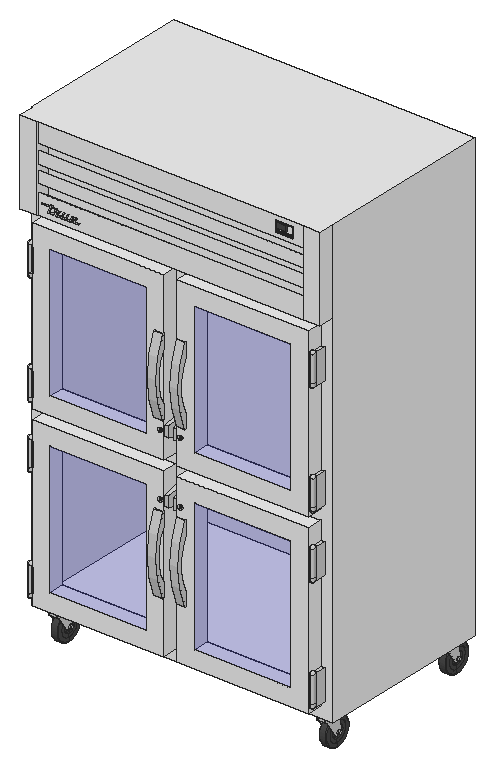
Revit family
Parameters
  Weight in Pounds = 0
  Watts = 3000 W
  Volts = 208 V
  URL Cutsheet = "www.truemfg.com"
  URL = "www.truemfg.com"
  Type Mark [instance] = ""
  Type Comments = ""
  Status [instance] = ""
  Specification by User [instance] = ""
  Specification by Manufacturer = ""
  Show Seismic Flanged [instance] = no
  Show Logo [instance] = yes
  Show Legs [instance] = no
  Show Clearance [instance] = yes
  Serial Number = ""
  Seismic Rating = ""
  Seismic Plate [instance] = and(Show Seismic Flanged, not(Show Casters))  # no
  SMACNA No = ""
  Revision Code [instance] = ""
  Phase = 1
  Omniclass Number and Title = ""
  Number of Poles [instance] = 1
  NAFEM Spec ID Number = ""
  Model = "STR2H-4HG"
  Min Ckt Ampacity = 0 A
  Max Overcurrent Protection = 0 A
  Masterspec = ""
  Manufacturer = "TRUE FOOD SERVICE EQUIPMENT, INC."
  Length = 52 5/8"
  Legs [instance] = or(Show Legs, Show Seismic Flanged)  # no
  Item Number [instance] = ""
  Installed By [instance] = ""
  Identify Quantity as Lot [instance] = yes
  Height = 77 3/4"
  HP = ""
  Furnished By [instance] = ""
  Foodservice Equipment Identifier [instance] = yes
  FL Amps = Watts / Volts  # 14.4231 A
  Electrical Remarks [instance] = ""
  Electric Connection Type [instance] = ""
  Elec Conn RI Height [instance] = 0"
  Elec Conn Connection Height [instance] = 0"
  Description = "Reach-in Glass Half Swing Door Heated Cabinet"
  Depth = 33 3/4"
  Cycle = 60 Hz
  Conn Plug = "6-15P"
  Conn Conduit = yes
  Show Casters [instance] = and(not(if(Show Legs, Show Legs, Show Legs)), not(if(Show Legs, Show Legs, Show Seismic Flanged)))  # yes
  CSI MasterFormat = ""
  CSI Master Format = ""
  Apparent Power = if(Phase = 3, Volts * FL Amps * 1.73, Volts * FL Amps)  # 3000 VA
Reference planes (in)
  plane 1 "BACK": y = 0
  plane 2: z = 0
  plane 3 "LEFT": x = 0
  plane 4 "RIGHT": x = 52.625
  plane 5 "FRONT": y = -33.75
  plane 6 "TOP": z = 84.125
  plane 7: z = 6.125
  plane 8: x = 26.3125
  plane 9: x = 3
  plane 10: x = 49.9375
  plane 11: y = -33.7042
  plane 12: x = 26.3125
Forms (in)
  Extrusion 1, solid, material "QF_Finishes_Chrome - Satin"
    sketch origin (0.05, 0, 0) x (1, 0, 0) y (0, 1, 0)
      loop
        line (-0.05, 0) -> (-0.05, -31) -> (2.35625, -31) -> (2.35625, 0) -> (-0.05, 0)
    from 6.125 to 84.125
  Extrusion 2, solid, material "QF_Finishes_Chrome - Satin"
    sketch origin (50.15, 0, 0) x (1, 0, 0) y (0, 1, 0)
      loop
        line (0.225, 0) -> (0.225, -31) -> (2.475, -31) -> (2.475, 0) -> (0.225, 0)
    from 6.125 to 84.125
  Extrusion 3, solid, material "QF_Finishes_Chrome - Satin"
    sketch origin (0, 0, 0) x (0, 1, 0) y (0, 0, 1)
      loop
        line (-33.7042, 69.5) -> (-31, 69.5) -> (-31, 66.96875) -> (-2, 66.96875) -> (-2, 9.03125) -> (-31, 9.03125) -> (-31, 6.125) -> (0, 6.125) -> (0, 84.125) -> (-33.7042, 84.125) -> (-33.7042, 80.78078) -> (-31.5, 79.21352) -> (-31.5, 78.09125) -> (-33.7042, 79.65851) -> (-33.7042, 77.5248) -> (-31.5, 75.95754) -> (-31.5, 74.99678) -> (-33.7042, 76.56404) -> (-33.7042, 74.46784) -> (-31.5, 72.90057) -> (-31.5, 71.625) -> (-33.7042, 73.19226) -> (-33.7042, 69.5)
      loop
        line (-30, 36.125) -> (-30, 39.875) -> (-31, 39.875) -> (-31, 36.125) -> (-30, 36.125)
    from 2.25 to 50.375
  Extrusion 4, solid, material "QF_Finishes_Chrome - Satin"
    sketch origin (0, 0, 0) x (1, 0, 0) y (0, 1, 0)
      loop
        line (52.54687, -31) -> (49.66032, -31) -> (49.66032, -33.75) -> (52.54687, -33.75) -> (52.54687, -31)
    from 69.5 to 84.125
  Extrusion 5, solid, material "QF_Finishes_Chrome - Satin"
    sketch origin (-50.125, 0, 0.25) x (1, 0, 0) y (0, 1, 0)
      loop
        line (53.20984, -31) -> (50.20312, -31) -> (50.20312, -33.75) -> (53.20984, -33.75) -> (53.20984, -31)
    from 69.25 to 83.875
  Extrusion 6, solid, material "QF_Finishes_Chrome - Satin"
    sketch origin (0, 0, -0.71875) x (1, 0, 0) y (0, 0, 1)
      loop
        line (2.25, 68.6875) -> (2.25, 39.59375) -> (25.1875, 39.59375) -> (25.1875, 68.6875) -> (2.25, 68.6875)
      loop
        line (50.53125, 68.6875) -> (27.59375, 68.6875) -> (27.59375, 39.59375) -> (50.53125, 39.59375) -> (50.53125, 68.6875)
      loop
        line (2.25, 8.75) -> (25.1875, 8.75) -> (25.1875, 37.84375) -> (2.25, 37.84375) -> (2.25, 8.75)
      loop
        line (27.59375, 8.75) -> (50.53125, 8.75) -> (50.53125, 37.84375) -> (27.59375, 37.84375) -> (27.59375, 8.75)
      loop
        line (5.25, 65.6875) -> (5.25, 42.59375) -> (22.1875, 42.59375) -> (22.1875, 65.6875) -> (5.25, 65.6875)
      loop
        line (30.59375, 65.6875) -> (30.59375, 42.59375) -> (47.53125, 42.59375) -> (47.53125, 65.6875) -> (30.59375, 65.6875)
      loop
        line (5.25, 34.84375) -> (5.25, 11.75) -> (22.1875, 11.75) -> (22.1875, 34.84375) -> (5.25, 34.84375)
      loop
        line (47.53125, 34.84375) -> (30.59375, 34.84375) -> (30.59375, 11.75) -> (47.53125, 11.75) -> (47.53125, 34.84375)
    from 31 to 33.75
  Extrusion 7, solid, material "QF_Finishes_Handrails and Railings"
    sketch origin (1.875, 0, 3.375) x (1, 0, 0) y (0, 0, 1)
      loop
        circle (22.76563, 40.0625) r 0.35
      loop
        line (22.73047, 40.33635) -> (22.73047, 39.76895) -> (22.78597, 39.76895) -> (22.78597, 40.33635) -> (22.73047, 40.33635)
      loop
        circle (26.28125, 40.0625) r 0.35
      loop
        line (26.3164, 40.33635) -> (26.2609, 40.33635) -> (26.2609, 39.76895) -> (26.3164, 39.76895) -> (26.3164, 40.33635)
    from 33.5 to 33.83066
  Extrusion 8, solid, material "QF_Finishes_Handrails and Railings", visible <- "Show Logo"
    sketch origin (0.33478, 1.08173, -6.73143) x (1, 0, 0) y (0, 0, 1)
      loop
        line (3.61669, 78.46231) -> (3.51103, 78.23573) -> (4.91652, 78.23573)
        arc (4.91652, 78.23573) -> (4.94504, 78.18528) -> (4.91652, 78.13484) r 0.05887
        line (4.91652, 78.13484) -> (4.54994, 77.34872)
        arc (4.54994, 77.34872) -> (4.54676, 77.27591) -> (4.596, 77.22217) r 0.09523
        line (4.596, 77.22217) -> (5.49469, 77.22217)
        arc (5.49469, 77.22217) -> (5.60817, 77.25795) -> (5.68061, 77.35235) r 0.19785
        line (5.68061, 77.35235) -> (5.9691, 77.97101) -> (6.23415, 77.97101)
        arc (6.23415, 77.97101) -> (6.30369, 77.94543) -> (6.29362, 77.87203) r 0.05911
        line (6.29362, 77.87203) -> (6.05223, 77.35437)
        arc (6.05223, 77.35437) -> (6.05599, 77.2684) -> (6.12856, 77.22217) r 0.09318
        line (6.12856, 77.22217) -> (6.91823, 77.22217)
        arc (6.91823, 77.22217) -> (6.97874, 77.24419) -> (7.01093, 77.29995) r 0.09412
        arc (7.01093, 77.29995) -> (7.03371, 77.24495) -> (7.08871, 77.22217) r 0.07778
        line (7.08871, 77.22217) -> (7.58871, 77.22217)
        arc (7.58871, 77.22217) -> (7.64647, 77.23765) -> (7.68876, 77.27993) r 0.11552
        arc (7.68876, 77.27993) -> (7.709, 77.23106) -> (7.75787, 77.21081) r 0.06912
        line (7.75787, 77.21081) -> (8.4685, 77.21081)
        arc (8.4685, 77.21081) -> (8.52659, 77.23488) -> (8.55066, 77.29297) r 0.08216
        arc (8.55066, 77.29297) -> (8.60392, 77.23972) -> (8.67667, 77.22022) r 0.14551
        line (8.67667, 77.22022) -> (10.00783, 77.22022) -> (10.15571, 77.47634) -> (8.81303, 77.47634)
        arc (8.81303, 77.47634) -> (8.77597, 77.50204) -> (8.77459, 77.54711) r 0.05009
        line (8.77459, 77.54711) -> (8.79782, 77.59692)
        arc (8.79782, 77.59692) -> (8.83348, 77.64364) -> (8.88952, 77.66135) r 0.09747
        line (8.88952, 77.66135) -> (9.3211, 77.66135)
        arc (9.3211, 77.66135) -> (9.41425, 77.68631) -> (9.48244, 77.7545) r 0.1863
        line (9.48244, 77.7545) -> (9.60744, 77.97101)
        arc (9.60744, 77.97101) -> (9.60744, 78.08657) -> (9.50736, 78.14434) r 0.11556
        line (9.50736, 78.14434) -> (9.05187, 78.14434)
        arc (9.05187, 78.14434) -> (8.93575, 78.12462) -> (8.85474, 78.03912) r 0.18605
        line (8.85474, 78.03912) -> (8.63829, 77.57493)
        arc (8.63829, 77.57493) -> (8.5744, 77.49167) -> (8.47431, 77.46011) r 0.1745
        line (8.47431, 77.46011) -> (8.00184, 77.46011)
        arc (8.00184, 77.46011) -> (7.94528, 77.52184) -> (7.94893, 77.60548) r 0.10939
        line (7.94893, 77.60548) -> (8.2002, 78.14434) -> (8.04028, 78.14434) -> (7.77406, 77.57344)
        arc (7.77406, 77.57344) -> (7.72234, 77.50603) -> (7.6413, 77.48048) r 0.14128
        line (7.6413, 77.48048) -> (7.3155, 77.48048)
        arc (7.3155, 77.48048) -> (7.26044, 77.55223) -> (7.27225, 77.64189) r 0.11816
        line (7.27225, 77.64189) -> (7.50655, 78.14434) -> (7.34139, 78.14434) -> (7.07171, 77.566)
        arc (7.07171, 77.566) -> (7.0091, 77.50339) -> (6.92358, 77.48048) r 0.17104
        line (6.92358, 77.48048) -> (6.4518, 77.48048)
        arc (6.4518, 77.48048) -> (6.36707, 77.51999) -> (6.35892, 77.61313) r 0.0935
        line (6.35892, 77.61313) -> (6.51399, 77.94569) -> (6.7332, 77.94569)
        arc (6.7332, 77.94569) -> (6.7702, 78.05717) -> (6.84892, 78.14434) r 0.2857
        line (6.84892, 78.14434) -> (5.9923, 78.14434)
        arc (5.9923, 78.14434) -> (5.89711, 78.12324) -> (5.83123, 78.05135) r 0.16212
        line (5.83123, 78.05135) -> (5.59904, 77.55341)
        arc (5.59904, 77.55341) -> (5.54565, 77.50002) -> (5.47272, 77.48048) r 0.14586
        line (5.47272, 77.48048) -> (4.96131, 77.48048)
        arc (4.96131, 77.48048) -> (4.92139, 77.53442) -> (4.92899, 77.60109) r 0.09155
        line (4.92899, 77.60109) -> (5.26643, 78.23573) -> (6.1178, 78.23573) -> (6.22346, 78.46231) -> (5.37209, 78.46231) -> (5.47774, 78.68888) -> (5.17487, 78.68888) -> (5.06922, 78.46231) -> (3.61669, 78.46231)
      loop
        arc (8.9943, 77.93863) -> (8.95744, 77.92875) -> (8.93045, 77.90176) r 0.07373
        line (8.93045, 77.90176) -> (8.90854, 77.83436)
        arc (8.90854, 77.83436) -> (8.9187, 77.80983) -> (8.94324, 77.79966) r 0.0347
        line (8.94324, 77.79966) -> (9.31573, 77.79966)
        arc (9.31573, 77.79966) -> (9.34257, 77.80561) -> (9.36437, 77.82234) r 0.0635
        line (9.36437, 77.82234) -> (9.38249, 77.90622)
        arc (9.38249, 77.90622) -> (9.37716, 77.92868) -> (9.35634, 77.93863) r 0.02676
        line (9.35634, 77.93863) -> (8.9943, 77.93863)
    from 34.76797 to 34.83173
  Extrusion 9, solid
    sketch origin (0, 0, 0) x (1, 0, 0) y (0, 0, 1)
      loop
        circle (49.53125, 82) r 0.25
    from 0 to 0.0625
  Extrusion 10, solid, material "QF_Finishes_Handrails and Railings"
    sketch origin (36.06481, -0.25, 99.01973) x (0, 1, 0) y (0, 0, -1)
      loop
        line (-33.5, 53.875) -> (-33.7, 53.875)
        arc (-33.7, 53.875) -> (-35.14405, 47.075) -> (-33.7, 40.275) r 16.7325
        line (-33.7, 40.275) -> (-33.5, 40.275) -> (-33.5, 42.675)
        arc (-33.5, 42.675) -> (-34.65816, 47.075) -> (-33.5, 51.475) r 8.93715
        line (-33.5, 51.475) -> (-33.5, 53.875)
    from 10.87731 to 12.37731
  Blend 11, solid, material "QF_Finishes_Handrails and Railings"
    base sketch origin (-0.14063, 0, 5.375) x (1, 0, 0) y (0, 0, 1)
      loop
        line (25.32813, 38.99169) -> (25.32813, 37.24169) -> (26.07813, 37.24169) -> (26.07813, 38.99169) -> (25.32813, 38.99169)
    top sketch origin (-0.14063, 0, 5.375) x (1, 0, 0) y (0, 0, 1)
      loop
        line (26.26036, 36.6441) -> (26.26036, 39.42643) -> (25.32813, 39.42643) -> (25.32813, 36.6441) -> (26.26036, 36.6441)
    from 33.57883 to 31
  Blend 12, solid, material "QF_Finishes_Handrails and Railings"
    base sketch origin (52.84375, 0, 5.375) x (-1, 0, 0) y (0, 0, -1)
      loop
        line (25.25, -38.99169) -> (26, -38.99169) -> (26, -37.24169) -> (25.25, -37.24169) -> (25.25, -38.99169)
    top sketch origin (52.84375, 0, 5.375) x (-1, 0, 0) y (0, 0, -1)
      loop
        line (26.18223, -36.6441) -> (25.25, -36.6441) -> (25.25, -39.42643) -> (26.18223, -39.42643) -> (26.18223, -36.6441)
    from 33.57883 to 31
  Extrusion 13, solid, material "QF_Finishes_Handrails and Railings"
    sketch origin (1.09375, 0, 0) x (0, 1, 0) y (0, 0, 1)
      loop
        line (-31, 64.55229) -> (-32.61044, 64.55229)
        arc (-32.61044, 64.55229) -> (-32.75506, 64.49238) -> (-32.81497, 64.34776) r 0.20453
        line (-32.81497, 64.34776) -> (-32.81497, 59.94848) -> (-33.25, 59.94848) -> (-33.25, 59.23627) -> (-31, 59.23627) -> (-31, 64.55229)
    from 0.17506 to 1
  Revolve 14, solid, material "QF_Finishes_Handrails and Railings"
    sketch origin (1.59375, 0, 0) x (0, 1, 0) y (0, 0, 1)
      loop
        line (-33.26563, 60.00189) -> (-33.26563, 64.81483)
        arc (-33.26563, 64.81483) -> (-33.53722, 64.72557) -> (-33.67229, 64.4736) r 0.3848
        line (-33.67229, 64.4736) -> (-33.67229, 60.00189) -> (-33.26563, 60.00189)
      loop
        line (-33.26563, 59.94848) -> (-33.67229, 59.94848) -> (-33.67229, 59.37712)
        arc (-33.67229, 59.37712) -> (-33.53264, 59.13383) -> (-33.26563, 59.04781) r 0.38884
        line (-33.26563, 59.04781) -> (-33.26563, 59.94848)
      axis (-33.26563, 59.04781) -> (-33.26563, 64.81483)
    angle from 0 to 360
  Extrusion 15, solid, material "QF_Finishes_Handrails and Railings"
    sketch origin (-0.21875, 0, 0) x (1, 0, 0) y (0, 0, 1)
      loop
        line (2.07116, 64.4736) -> (2.07116, 60.00079) -> (2.46875, 60.00079) -> (2.46875, 64.4736) -> (2.07116, 64.4736)
    from 32.81497 to 33.59495
  Extrusion 16, solid, material "QF_Finishes_Handrails and Railings"
    sketch origin (1.09375, 0, -19.5) x (0, 1, 0) y (0, 0, 1)
      loop
        line (-31, 64.55229) -> (-32.61044, 64.55229)
        arc (-32.61044, 64.55229) -> (-32.75506, 64.49238) -> (-32.81497, 64.34776) r 0.20453
        line (-32.81497, 64.34776) -> (-32.81497, 59.94848) -> (-33.25, 59.94848) -> (-33.25, 59.23627) -> (-31, 59.23627) -> (-31, 64.55229)
    from 0.17506 to 1
  Revolve 17, solid, material "QF_Finishes_Handrails and Railings"
    sketch origin (1.59375, 0, -19.5) x (0, 1, 0) y (0, 0, 1)
      loop
        line (-33.26563, 60.00189) -> (-33.26563, 64.81483)
        arc (-33.26563, 64.81483) -> (-33.53722, 64.72557) -> (-33.67229, 64.4736) r 0.3848
        line (-33.67229, 64.4736) -> (-33.67229, 60.00189) -> (-33.26563, 60.00189)
      loop
        line (-33.26563, 59.94848) -> (-33.67229, 59.94848) -> (-33.67229, 59.37712)
        arc (-33.67229, 59.37712) -> (-33.53264, 59.13383) -> (-33.26563, 59.04781) r 0.38884
        line (-33.26563, 59.04781) -> (-33.26563, 59.94848)
      axis (-33.26563, 59.04781) -> (-33.26563, 64.81483)
    angle from 0 to 360
  Extrusion 18, solid, material "QF_Finishes_Handrails and Railings"
    sketch origin (-0.21875, 0, -19.5) x (1, 0, 0) y (0, 0, 1)
      loop
        line (2.07116, 64.4736) -> (2.07116, 60.00079) -> (2.46875, 60.00079) -> (2.46875, 64.4736) -> (2.07116, 64.4736)
    from 32.81497 to 33.59495
  Extrusion 19, solid, material "QF_Finishes_Handrails and Railings"
    sketch origin (1.09375, 0, -30.5) x (0, 1, 0) y (0, 0, 1)
      loop
        line (-31, 64.55229) -> (-32.61044, 64.55229)
        arc (-32.61044, 64.55229) -> (-32.75506, 64.49238) -> (-32.81497, 64.34776) r 0.20453
        line (-32.81497, 64.34776) -> (-32.81497, 59.94848) -> (-33.25, 59.94848) -> (-33.25, 59.23627) -> (-31, 59.23627) -> (-31, 64.55229)
    from 0.17506 to 1
  Revolve 20, solid, material "QF_Finishes_Handrails and Railings"
    sketch origin (1.59375, 0, -30.5) x (0, 1, 0) y (0, 0, 1)
      loop
        line (-33.26563, 60.00189) -> (-33.26563, 64.81483)
        arc (-33.26563, 64.81483) -> (-33.53722, 64.72557) -> (-33.67229, 64.4736) r 0.3848
        line (-33.67229, 64.4736) -> (-33.67229, 60.00189) -> (-33.26563, 60.00189)
      loop
        line (-33.26563, 59.94848) -> (-33.67229, 59.94848) -> (-33.67229, 59.37712)
        arc (-33.67229, 59.37712) -> (-33.53264, 59.13383) -> (-33.26563, 59.04781) r 0.38884
        line (-33.26563, 59.04781) -> (-33.26563, 59.94848)
      axis (-33.26563, 59.04781) -> (-33.26563, 64.81483)
    angle from 0 to 360
  Extrusion 21, solid, material "QF_Finishes_Handrails and Railings"
    sketch origin (-0.21875, 0, -30.5) x (1, 0, 0) y (0, 0, 1)
      loop
        line (2.07116, 64.4736) -> (2.07116, 60.00079) -> (2.46875, 60.00079) -> (2.46875, 64.4736) -> (2.07116, 64.4736)
    from 32.81497 to 33.59495
  Extrusion 22, solid, material "QF_Finishes_Handrails and Railings"
    sketch origin (1.09375, 0, -50.25) x (0, 1, 0) y (0, 0, 1)
      loop
        line (-31, 64.55229) -> (-32.61044, 64.55229)
        arc (-32.61044, 64.55229) -> (-32.75506, 64.49238) -> (-32.81497, 64.34776) r 0.20453
        line (-32.81497, 64.34776) -> (-32.81497, 59.94848) -> (-33.25, 59.94848) -> (-33.25, 59.23627) -> (-31, 59.23627) -> (-31, 64.55229)
    from 0.17506 to 1
  Revolve 23, solid, material "QF_Finishes_Handrails and Railings"
    sketch origin (1.59375, 0, -50.25) x (0, 1, 0) y (0, 0, 1)
      loop
        line (-33.26563, 60.00189) -> (-33.26563, 64.81483)
        arc (-33.26563, 64.81483) -> (-33.53722, 64.72557) -> (-33.67229, 64.4736) r 0.3848
        line (-33.67229, 64.4736) -> (-33.67229, 60.00189) -> (-33.26563, 60.00189)
      loop
        line (-33.26563, 59.94848) -> (-33.67229, 59.94848) -> (-33.67229, 59.37712)
        arc (-33.67229, 59.37712) -> (-33.53264, 59.13383) -> (-33.26563, 59.04781) r 0.38884
        line (-33.26563, 59.04781) -> (-33.26563, 59.94848)
      axis (-33.26563, 59.04781) -> (-33.26563, 64.81483)
    angle from 0 to 360
  Extrusion 24, solid, material "QF_Finishes_Handrails and Railings"
    sketch origin (-0.21875, 0, -50.25) x (1, 0, 0) y (0, 0, 1)
      loop
        line (2.07116, 64.4736) -> (2.07116, 60.00079) -> (2.46875, 60.00079) -> (2.46875, 64.4736) -> (2.07116, 64.4736)
    from 32.81497 to 33.59495
  Extrusion 25, solid, material "QF_Finishes_Handrails and Railings"
    sketch origin (51.375, 0, 0) x (0, 1, 0) y (0, 0, -1)
      loop
        line (-31, -64.55229) -> (-31, -59.23627) -> (-33.25, -59.23627) -> (-33.25, -59.94848) -> (-32.81497, -59.94848) -> (-32.81497, -64.34776)
        arc (-32.81497, -64.34776) -> (-32.75506, -64.49238) -> (-32.61044, -64.55229) r 0.20453
        line (-32.61044, -64.55229) -> (-31, -64.55229)
    from 0.17506 to 1
  Revolve 26, solid, material "QF_Finishes_Handrails and Railings"
    sketch origin (50.875, 0, 0) x (0, 1, 0) y (0, 0, -1)
      loop
        line (-33.26563, -60.00189) -> (-33.67229, -60.00189) -> (-33.67229, -64.4736)
        arc (-33.67229, -64.4736) -> (-33.53722, -64.72557) -> (-33.26563, -64.81483) r 0.3848
        line (-33.26563, -64.81483) -> (-33.26563, -60.00189)
      loop
        line (-33.26563, -59.94848) -> (-33.26563, -59.04781)
        arc (-33.26563, -59.04781) -> (-33.53264, -59.13383) -> (-33.67229, -59.37712) r 0.38884
        line (-33.67229, -59.37712) -> (-33.67229, -59.94848) -> (-33.26563, -59.94848)
      axis (-33.26563, -59.04781) -> (-33.26563, -64.81483)
    angle from 0 to 360
  Extrusion 27, solid, material "QF_Finishes_Handrails and Railings"
    sketch origin (52.6875, 0, 0) x (-1, 0, 0) y (0, 0, -1)
      loop
        line (1.75866, -64.4736) -> (2.15625, -64.4736) -> (2.15625, -60.00079) -> (1.75866, -60.00079) -> (1.75866, -64.4736)
    from 32.81497 to 33.59495
  Extrusion 28, solid, material "QF_Finishes_Handrails and Railings"
    sketch origin (51.375, 0, -19.5) x (0, 1, 0) y (0, 0, -1)
      loop
        line (-31, -64.55229) -> (-31, -59.23627) -> (-33.25, -59.23627) -> (-33.25, -59.94848) -> (-32.81497, -59.94848) -> (-32.81497, -64.34776)
        arc (-32.81497, -64.34776) -> (-32.75506, -64.49238) -> (-32.61044, -64.55229) r 0.20453
        line (-32.61044, -64.55229) -> (-31, -64.55229)
    from 0.17506 to 1
  Revolve 29, solid, material "QF_Finishes_Handrails and Railings"
    sketch origin (50.875, 0, -19.5) x (0, 1, 0) y (0, 0, -1)
      loop
        line (-33.26563, -60.00189) -> (-33.67229, -60.00189) -> (-33.67229, -64.4736)
        arc (-33.67229, -64.4736) -> (-33.53722, -64.72557) -> (-33.26563, -64.81483) r 0.3848
        line (-33.26563, -64.81483) -> (-33.26563, -60.00189)
      loop
        line (-33.26563, -59.94848) -> (-33.26563, -59.04781)
        arc (-33.26563, -59.04781) -> (-33.53264, -59.13383) -> (-33.67229, -59.37712) r 0.38884
        line (-33.67229, -59.37712) -> (-33.67229, -59.94848) -> (-33.26563, -59.94848)
      axis (-33.26563, -59.04781) -> (-33.26563, -64.81483)
    angle from 0 to 360
  Extrusion 30, solid, material "QF_Finishes_Handrails and Railings"
    sketch origin (52.6875, 0, -19.5) x (-1, 0, 0) y (0, 0, -1)
      loop
        line (1.75866, -64.4736) -> (2.15625, -64.4736) -> (2.15625, -60.00079) -> (1.75866, -60.00079) -> (1.75866, -64.4736)
    from 32.81497 to 33.59495
  Extrusion 31, solid, material "QF_Finishes_Handrails and Railings"
    sketch origin (51.375, 0, -30.5) x (0, 1, 0) y (0, 0, -1)
      loop
        line (-31, -64.55229) -> (-31, -59.23627) -> (-33.25, -59.23627) -> (-33.25, -59.94848) -> (-32.81497, -59.94848) -> (-32.81497, -64.34776)
        arc (-32.81497, -64.34776) -> (-32.75506, -64.49238) -> (-32.61044, -64.55229) r 0.20453
        line (-32.61044, -64.55229) -> (-31, -64.55229)
    from 0.17506 to 1
  Revolve 32, solid, material "QF_Finishes_Handrails and Railings"
    sketch origin (50.875, 0, -30.5) x (0, 1, 0) y (0, 0, -1)
      loop
        line (-33.26563, -60.00189) -> (-33.67229, -60.00189) -> (-33.67229, -64.4736)
        arc (-33.67229, -64.4736) -> (-33.53722, -64.72557) -> (-33.26563, -64.81483) r 0.3848
        line (-33.26563, -64.81483) -> (-33.26563, -60.00189)
      loop
        line (-33.26563, -59.94848) -> (-33.26563, -59.04781)
        arc (-33.26563, -59.04781) -> (-33.53264, -59.13383) -> (-33.67229, -59.37712) r 0.38884
        line (-33.67229, -59.37712) -> (-33.67229, -59.94848) -> (-33.26563, -59.94848)
      axis (-33.26563, -59.04781) -> (-33.26563, -64.81483)
    angle from 0 to 360
  Extrusion 33, solid, material "QF_Finishes_Handrails and Railings"
    sketch origin (52.6875, 0, -30.5) x (-1, 0, 0) y (0, 0, -1)
      loop
        line (1.75866, -64.4736) -> (2.15625, -64.4736) -> (2.15625, -60.00079) -> (1.75866, -60.00079) -> (1.75866, -64.4736)
    from 32.81497 to 33.59495
  Extrusion 34, solid, material "QF_Finishes_Handrails and Railings"
    sketch origin (51.375, 0, -50.25) x (0, 1, 0) y (0, 0, -1)
      loop
        line (-31, -64.55229) -> (-31, -59.23627) -> (-33.25, -59.23627) -> (-33.25, -59.94848) -> (-32.81497, -59.94848) -> (-32.81497, -64.34776)
        arc (-32.81497, -64.34776) -> (-32.75506, -64.49238) -> (-32.61044, -64.55229) r 0.20453
        line (-32.61044, -64.55229) -> (-31, -64.55229)
    from 0.17506 to 1
  Revolve 35, solid, material "QF_Finishes_Handrails and Railings"
    sketch origin (50.875, 0, -50.25) x (0, 1, 0) y (0, 0, -1)
      loop
        line (-33.26563, -60.00189) -> (-33.67229, -60.00189) -> (-33.67229, -64.4736)
        arc (-33.67229, -64.4736) -> (-33.53722, -64.72557) -> (-33.26563, -64.81483) r 0.3848
        line (-33.26563, -64.81483) -> (-33.26563, -60.00189)
      loop
        line (-33.26563, -59.94848) -> (-33.26563, -59.04781)
        arc (-33.26563, -59.04781) -> (-33.53264, -59.13383) -> (-33.67229, -59.37712) r 0.38884
        line (-33.67229, -59.37712) -> (-33.67229, -59.94848) -> (-33.26563, -59.94848)
      axis (-33.26563, -59.04781) -> (-33.26563, -64.81483)
    angle from 0 to 360
  Extrusion 36, solid, material "QF_Finishes_Handrails and Railings"
    sketch origin (52.6875, 0, -50.25) x (-1, 0, 0) y (0, 0, -1)
      loop
        line (1.75866, -64.4736) -> (2.15625, -64.4736) -> (2.15625, -60.00079) -> (1.75866, -60.00079) -> (1.75866, -64.4736)
    from 32.81497 to 33.59495
  Revolve 37, solid, material "QF_Finishes_Black", visible <- "Show Casters"
    sketch origin (47.78125, -27.375, 0) x (1, 0, 0) y (0, 0, 1)
      loop
        line (1.63125, 5) -> (1.53125, 4.9) -> (1.53125, 4.29941) -> (1.69226, 4.29941) -> (1.69226, 3.54941) -> (1.53125, 3.54941) -> (1.53125, 2.79941) -> (1.13125, 2.79941) -> (1.13125, 2.5) -> (3.18125, 2.5) -> (3.18125, 2.79941) -> (2.78533, 2.79941) -> (2.78533, 3.54941) -> (2.62024, 3.54941) -> (2.62024, 4.29941) -> (2.78533, 4.29941) -> (2.78533, 4.89592) -> (2.68125, 5) -> (1.63125, 5)
      axis (3.18125, 2.5) -> (1.13125, 2.5)
    angle from 0 to 360
  Extrusion 38, solid, material "QF_Finishes_Handrails and Railings", visible <- "Show Casters"
    sketch origin (47.78125, 0, 0) x (0, 1, 0) y (0, 0, 1)
      loop
        line (-29.95136, 5.48574) -> (-29.95136, 4.88089) -> (-29.70136, 4.88089) -> (-27.95216, 2.18736)
        arc (-27.95216, 2.18736) -> (-27.23883, 1.94868) -> (-26.84581, 2.59003) r 0.60416
        line (-26.84581, 2.59003) -> (-27.20136, 5.48574) -> (-29.95136, 5.48574)
      loop
        line (-3.8577, 5.48574) -> (-3.8577, 4.88089) -> (-3.6077, 4.88089) -> (-1.8585, 2.18736)
        arc (-1.8585, 2.18736) -> (-1.14517, 1.94868) -> (-0.75215, 2.59003) r 0.60416
        line (-0.75215, 2.59003) -> (-1.1077, 5.48574) -> (-3.8577, 5.48574)
    from 1.175 to 1.325
  Extrusion 39, solid, material "QF_Finishes_Handrails and Railings", visible <- "Show Casters"
    sketch origin (49.28125, 0, 0) x (0, 1, 0) y (0, 0, 1)
      loop
        line (-29.95136, 5.48574) -> (-29.95136, 4.88089) -> (-29.70136, 4.88089) -> (-27.95216, 2.18736)
        arc (-27.95216, 2.18736) -> (-27.23883, 1.94868) -> (-26.84581, 2.59003) r 0.60416
        line (-26.84581, 2.59003) -> (-27.20136, 5.48574) -> (-29.95136, 5.48574)
      loop
        line (-3.8577, 5.48574) -> (-3.8577, 4.88089) -> (-3.6077, 4.88089) -> (-1.8585, 2.18736)
        arc (-1.8585, 2.18736) -> (-1.14517, 1.94868) -> (-0.75215, 2.59003) r 0.60416
        line (-0.75215, 2.59003) -> (-1.1077, 5.48574) -> (-3.8577, 5.48574)
    from 1.175 to 1.325
  Revolve 40, solid, material "QF_Finishes_Chrome - Satin", visible <- "Show Casters"
    sketch origin (47.78125, -28.5625, -0.5) x (1, 0, 0) y (0, 0, 1)
      loop
        line (2.15625, 5.99546) -> (2.15625, 6.62359) -> (0.85918, 6.62359) -> (0.85918, 5.99546) -> (2.15625, 5.99546)
      axis (2.15625, 5.99546) -> (2.15625, 6.62359)
    angle from 0 to 360
  Revolve 41, solid, material "QF_Finishes_Chrome - Satin", visible <- "Legs"
    sketch origin (47.78125, -2.69102, 0) x (1, 0, 0) y (0, 0, 1)
      loop
        line (2.15625, 6.125) -> (0.82287, 6.125) -> (1.40625, 1) -> (1.65625, 1) -> (1.65625, 0) -> (2.15625, 0) -> (2.15625, 6.125)
      axis (2.15625, 0) -> (2.15625, 6.125)
    angle from 0 to 360
  Revolve 42, solid, material "QF_Finishes_Chrome - Satin", visible <- "Legs"
    sketch origin (47.78125, -28.65977, 0) x (1, 0, 0) y (0, 0, 1)
      loop
        line (2.15625, 6.125) -> (0.82287, 6.125) -> (1.40625, 1) -> (1.65625, 1) -> (1.65625, 0) -> (2.15625, 0) -> (2.15625, 6.125)
      axis (2.15625, 0) -> (2.15625, 6.125)
    angle from 0 to 360
  Revolve 43, solid, material "QF_Finishes_Chrome - Satin", visible <- "Show Casters"
    sketch origin (47.78125, -2.70321, -0.5) x (1, 0, 0) y (0, 0, 1)
      loop
        line (2.15625, 5.99546) -> (2.15625, 6.62359) -> (0.85918, 6.62359) -> (0.85918, 5.99546) -> (2.15625, 5.99546)
      axis (2.15625, 5.99546) -> (2.15625, 6.62359)
    angle from 0 to 360
  Extrusion 44, solid, material "QF_Finishes_Handrails and Railings", visible <- "Show Casters"
    sketch origin (0, 0, 0) x (0, 1, 0) y (0, 0, 1)
      loop
        line (-29.95136, 5.48574) -> (-29.95136, 4.88089) -> (-29.70136, 4.88089) -> (-27.16533, 5.19227) -> (-27.20136, 5.48574) -> (-29.95136, 5.48574)
      loop
        line (-3.8577, 5.48574) -> (-3.8577, 4.88089) -> (-3.6077, 4.88089) -> (-1.07167, 5.19227) -> (-1.1077, 5.48574) -> (-3.8577, 5.48574)
    from 49.10625 to 50.45625
  Revolve 45, solid, material "QF_Finishes_Black", visible <- "Show Casters"
    sketch origin (47.78125, -1.21875, 0) x (1, 0, 0) y (0, 0, 1)
      loop
        line (1.63125, 5) -> (1.53125, 4.9) -> (1.53125, 4.29941) -> (1.69226, 4.29941) -> (1.69226, 3.54941) -> (1.53125, 3.54941) -> (1.53125, 2.79941) -> (1.13125, 2.79941) -> (1.13125, 2.5) -> (3.18125, 2.5) -> (3.18125, 2.79941) -> (2.78533, 2.79941) -> (2.78533, 3.54941) -> (2.62024, 3.54941) -> (2.62024, 4.29941) -> (2.78533, 4.29941) -> (2.78533, 4.89592) -> (2.68125, 5) -> (1.63125, 5)
      axis (3.18125, 2.5) -> (1.13125, 2.5)
    angle from 0 to 360
  Revolve 46, solid, material "QF_Finishes_Black", visible <- "Show Casters"
    sketch origin (0.84375, -27.375, 0) x (1, 0, 0) y (0, 0, 1)
      loop
        line (1.63125, 5) -> (1.53125, 4.9) -> (1.53125, 4.29941) -> (1.69226, 4.29941) -> (1.69226, 3.54941) -> (1.53125, 3.54941) -> (1.53125, 2.79941) -> (0.975, 2.79941) -> (0.975, 2.5) -> (3.18125, 2.5) -> (3.18125, 2.79941) -> (2.78533, 2.79941) -> (2.78533, 3.54941) -> (2.62024, 3.54941) -> (2.62024, 4.29941) -> (2.78533, 4.29941) -> (2.78533, 4.89592) -> (2.68125, 5) -> (1.63125, 5)
      axis (3.18125, 2.5) -> (0.975, 2.5)
    angle from 0 to 360
  Extrusion 47, solid, material "QF_Finishes_Handrails and Railings", visible <- "Show Casters"
    sketch origin (0.84375, 0, 0) x (0, 1, 0) y (0, 0, 1)
      loop
        line (-29.95136, 5.48574) -> (-29.95136, 4.88089) -> (-29.70136, 4.88089) -> (-27.95216, 2.18736)
        arc (-27.95216, 2.18736) -> (-27.23883, 1.94868) -> (-26.84581, 2.59003) r 0.60416
        line (-26.84581, 2.59003) -> (-27.20136, 5.48574) -> (-29.95136, 5.48574)
      loop
        line (-3.8577, 5.48574) -> (-3.8577, 4.88089) -> (-3.6077, 4.88089) -> (-1.8585, 2.18736)
        arc (-1.8585, 2.18736) -> (-1.14517, 1.94868) -> (-0.75215, 2.59003) r 0.60416
        line (-0.75215, 2.59003) -> (-1.1077, 5.48574) -> (-3.8577, 5.48574)
    from 1.175 to 1.325
  Extrusion 48, solid, material "QF_Finishes_Handrails and Railings", visible <- "Show Casters"
    sketch origin (2.34375, 0, 0) x (0, 1, 0) y (0, 0, 1)
      loop
        line (-29.95136, 5.48574) -> (-29.95136, 4.88089) -> (-29.70136, 4.88089) -> (-27.95216, 2.18736)
        arc (-27.95216, 2.18736) -> (-27.23883, 1.94868) -> (-26.84581, 2.59003) r 0.60416
        line (-26.84581, 2.59003) -> (-27.20136, 5.48574) -> (-29.95136, 5.48574)
      loop
        line (-3.8577, 5.48574) -> (-3.8577, 4.88089) -> (-3.6077, 4.88089) -> (-1.8585, 2.18736)
        arc (-1.8585, 2.18736) -> (-1.14517, 1.94868) -> (-0.75215, 2.59003) r 0.60416
        line (-0.75215, 2.59003) -> (-1.1077, 5.48574) -> (-3.8577, 5.48574)
    from 1.175 to 1.325
  Revolve 49, solid, material "QF_Finishes_Chrome - Satin", visible <- "Show Casters"
    sketch origin (0.84375, -28.5625, -0.5) x (1, 0, 0) y (0, 0, 1)
      loop
        line (2.15625, 5.99546) -> (2.15625, 6.62359) -> (0.85918, 6.62359) -> (0.85918, 5.99546) -> (2.15625, 5.99546)
      axis (2.15625, 5.99546) -> (2.15625, 6.62359)
    angle from 0 to 360
  Revolve 50, solid, material "QF_Finishes_Chrome - Satin", visible <- "Legs"
    sketch origin (0.84375, -2.69102, 0) x (1, 0, 0) y (0, 0, 1)
      loop
        line (2.15625, 6.125) -> (0.82287, 6.125) -> (1.40625, 1) -> (1.65625, 1) -> (1.65625, 0) -> (2.15625, 0) -> (2.15625, 6.125)
      axis (2.15625, 0) -> (2.15625, 6.125)
    angle from 0 to 360
  Revolve 51, solid, material "QF_Finishes_Chrome - Satin", visible <- "Legs"
    sketch origin (0.84375, -28.65977, 0) x (1, 0, 0) y (0, 0, 1)
      loop
        line (2.15625, 6.125) -> (0.82287, 6.125) -> (1.40625, 1) -> (1.65625, 1) -> (1.65625, 0) -> (2.15625, 0) -> (2.15625, 6.125)
      axis (2.15625, 0) -> (2.15625, 6.125)
    angle from 0 to 360
  Revolve 52, solid, material "QF_Finishes_Chrome - Satin", visible <- "Show Casters"
    sketch origin (0.84375, -2.70321, -0.5) x (1, 0, 0) y (0, 0, 1)
      loop
        line (2.15625, 5.99546) -> (2.15625, 6.62359) -> (0.85918, 6.62359) -> (0.85918, 5.99546) -> (2.15625, 5.99546)
      axis (2.15625, 5.99546) -> (2.15625, 6.62359)
    angle from 0 to 360
  Extrusion 53, solid, material "QF_Finishes_Handrails and Railings", visible <- "Show Casters"
    sketch origin (-46.9375, 0, 0) x (0, 1, 0) y (0, 0, 1)
      loop
        line (-29.95136, 5.48574) -> (-29.95136, 4.88089) -> (-29.70136, 4.88089) -> (-27.16533, 5.19227) -> (-27.20136, 5.48574) -> (-29.95136, 5.48574)
      loop
        line (-3.8577, 5.48574) -> (-3.8577, 4.88089) -> (-3.6077, 4.88089) -> (-1.07167, 5.19227) -> (-1.1077, 5.48574) -> (-3.8577, 5.48574)
    from 49.10625 to 50.45625
  Revolve 54, solid, material "QF_Finishes_Black", visible <- "Show Casters"
    sketch origin (0.84375, -1.21875, 0) x (1, 0, 0) y (0, 0, 1)
      loop
        line (1.63125, 5) -> (1.53125, 4.9) -> (1.53125, 4.29941) -> (1.69226, 4.29941) -> (1.69226, 3.54941) -> (1.53125, 3.54941) -> (1.53125, 2.79941) -> (0.975, 2.79941) -> (0.975, 2.5) -> (3.18125, 2.5) -> (3.18125, 2.79941) -> (2.78533, 2.79941) -> (2.78533, 3.54941) -> (2.62024, 3.54941) -> (2.62024, 4.29941) -> (2.78533, 4.29941) -> (2.78533, 4.89592) -> (2.68125, 5) -> (1.63125, 5)
      axis (3.18125, 2.5) -> (0.975, 2.5)
    angle from 0 to 360
  Extrusion 55, solid, material "QF_Finishes_White"
    sketch origin (1.49925, 1.06376, 1.58022) x (1, 0, 0) y (0, 0, 1)
      loop
        line (43.31732, 81.73227) -> (43.31732, 79.98496) -> (46.22357, 79.98496) -> (46.22357, 81.73227) -> (43.31732, 81.73227)
    from 34.75 to 34.76797
  Extrusion 56, solid, material "QF_Finishes_Black"
    sketch origin (1.49925, 1.06376, 1.58022) x (1, 0, 0) y (0, 0, 1)
      loop
        line (46.28607, 81.79477) -> (43.25482, 81.79477) -> (43.25482, 79.92246) -> (46.28607, 79.92246) -> (46.28607, 81.79477)
      loop
        spline (43.45482, 80.25372) -> (43.46333, 80.23754) -> (43.48831, 80.22247) -> (43.52804, 80.20952) -> (43.57982, 80.19959) -> (43.64011, 80.19335) -> (43.70482, 80.19122) -> (43.76952, 80.19335) -> (43.82982, 80.19959) -> (43.88159, 80.20952) -> (43.92132, 80.22247) -> (43.9463, 80.23754) -> (43.95482, 80.25372)
        spline (43.95482, 80.25372) -> (43.9463, 80.26989) -> (43.92132, 80.28497) -> (43.88159, 80.29791) -> (43.82982, 80.30784) -> (43.76952, 80.31409) -> (43.70482, 80.31622) -> (43.64011, 80.31409) -> (43.57982, 80.30784) -> (43.52804, 80.29791) -> (43.48831, 80.28497) -> (43.46333, 80.26989) -> (43.45482, 80.25372)
      loop
        spline (44.15083, 80.25372) -> (44.15935, 80.23754) -> (44.18432, 80.22247) -> (44.22405, 80.20952) -> (44.27583, 80.19959) -> (44.33612, 80.19335) -> (44.40083, 80.19122) -> (44.46553, 80.19335) -> (44.52583, 80.19959) -> (44.57761, 80.20952) -> (44.61734, 80.22247) -> (44.64231, 80.23754) -> (44.65083, 80.25372)
        spline (44.65083, 80.25372) -> (44.64231, 80.26989) -> (44.61734, 80.28497) -> (44.57761, 80.29791) -> (44.52583, 80.30784) -> (44.46553, 80.31409) -> (44.40083, 80.31622) -> (44.33612, 80.31409) -> (44.27583, 80.30784) -> (44.22405, 80.29791) -> (44.18432, 80.28497) -> (44.15935, 80.26989) -> (44.15083, 80.25372)
      loop
        spline (44.90083, 80.25372) -> (44.90935, 80.23754) -> (44.93432, 80.22247) -> (44.97405, 80.20952) -> (45.02583, 80.19959) -> (45.08612, 80.19335) -> (45.15083, 80.19122) -> (45.21553, 80.19335) -> (45.27583, 80.19959) -> (45.32761, 80.20952) -> (45.36734, 80.22247) -> (45.39231, 80.23754) -> (45.40083, 80.25372)
        spline (45.40083, 80.25372) -> (45.39231, 80.26989) -> (45.36734, 80.28497) -> (45.32761, 80.29791) -> (45.27583, 80.30784) -> (45.21553, 80.31409) -> (45.15083, 80.31622) -> (45.08612, 80.31409) -> (45.02583, 80.30784) -> (44.97405, 80.29791) -> (44.93432, 80.28497) -> (44.90935, 80.26989) -> (44.90083, 80.25372)
      loop
        line (43.45481, 81.59478) -> (43.45481, 80.59478) -> (45.15433, 80.59478) -> (45.15433, 81.59478) -> (43.45481, 81.59478)
      loop
        line (46.22357, 81.73227) -> (43.31732, 81.73227) -> (43.31732, 79.98496) -> (46.22357, 79.98496) -> (46.22357, 81.73227)
      loop
        spline (45.65083, 80.25372) -> (45.65935, 80.23754) -> (45.68432, 80.22247) -> (45.72405, 80.20952) -> (45.77583, 80.19959) -> (45.83612, 80.19335) -> (45.90083, 80.19122) -> (45.96553, 80.19335) -> (46.02583, 80.19959) -> (46.07761, 80.20952) -> (46.11734, 80.22247) -> (46.14231, 80.23754) -> (46.15083, 80.25372)
        spline (46.15083, 80.25372) -> (46.14231, 80.26989) -> (46.11734, 80.28497) -> (46.07761, 80.29791) -> (46.02583, 80.30784) -> (45.96553, 80.31409) -> (45.90083, 80.31622) -> (45.83612, 80.31409) -> (45.77583, 80.30784) -> (45.72405, 80.29791) -> (45.68432, 80.28497) -> (45.65935, 80.26989) -> (45.65083, 80.25372)
    from 34.76797 to 34.80335
  Extrusion 57, solid, material "QF_Finishes_Door Clearance", visible <- "Show Clearance", detail levels coarse
    sketch origin (0.66534, -3.6098, 0) x (-1, 0, 0) y (0, -1, 0)
      loop
        arc (-26.92841, 30.1402) -> (-33.64665, 46.35946) -> (-49.86591, 53.0777) r 22.9375
        line (-49.86591, 53.0777) -> (-49.86591, 30.1402) -> (-26.92841, 30.1402)
      loop
        line (-1.58466, 30.1402) -> (-1.58466, 53.0777)
        arc (-1.58466, 53.0777) -> (-17.80392, 46.35946) -> (-24.52216, 30.1402) r 22.9375
        line (-24.52216, 30.1402) -> (-1.58466, 30.1402)
    from 38.875 to 67.96875
  Extrusion 58, solid, material "QF_Finishes_Chrome - Satin", visible <- "Seismic Plate"
    sketch origin (-0.22541, -26.96562, 0) x (1, 0, 0) y (0, 1, 0)
      loop
        circle (3.22541, -1.69416) r 1.5
    from 0 to 0.25
  Extrusion 59, solid, material "QF_Finishes_Chrome - Satin", visible <- "Seismic Plate"
    sketch origin (-0.22541, -0.99687, 0) x (1, 0, 0) y (0, 1, 0)
      loop
        circle (3.22541, -1.69416) r 1.5
    from 0 to 0.25
  Extrusion 60, solid, material "QF_Finishes_Chrome - Satin", visible <- "Seismic Plate"
    sketch origin (46.71209, -0.99687, 0) x (1, 0, 0) y (0, 1, 0)
      loop
        circle (3.22541, -1.69416) r 1.5
    from 0 to 0.25
  Extrusion 61, solid, material "QF_Finishes_Chrome - Satin", visible <- "Seismic Plate"
    sketch origin (46.71209, -26.96562, 0) x (1, 0, 0) y (0, 1, 0)
      loop
        circle (3.22541, -1.69416) r 1.5
    from 0 to 0.25
  Extrusion 62, solid, material "QF_Finishes_Handrails and Railings"
    sketch origin (16.71644, -0.25, 99.01973) x (0, 1, 0) y (0, 0, 1)
      loop
        line (-33.5, -53.875) -> (-33.5, -51.475)
        arc (-33.5, -51.475) -> (-34.65816, -47.075) -> (-33.5, -42.675) r 8.93715
        line (-33.5, -42.675) -> (-33.5, -40.275) -> (-33.7, -40.275)
        arc (-33.7, -40.275) -> (-35.14405, -47.075) -> (-33.7, -53.875) r 16.7325
        line (-33.7, -53.875) -> (-33.5, -53.875)
    from 10.87731 to 12.37731
  Extrusion 63, solid, material "QF_Finishes_Handrails and Railings"
    sketch origin (1.875, 0, 72.625) x (1, 0, 0) y (0, 0, 1)
      loop
        circle (22.76563, -40.0625) r 0.35
      loop
        line (22.73047, -40.33635) -> (22.78597, -40.33635) -> (22.78597, -39.76895) -> (22.73047, -39.76895) -> (22.73047, -40.33635)
      loop
        circle (26.28125, -40.0625) r 0.35
      loop
        line (26.3164, -40.33635) -> (26.3164, -39.76895) -> (26.2609, -39.76895) -> (26.2609, -40.33635) -> (26.3164, -40.33635)
    from 33.5 to 33.83066
  Blend 64, solid, material "QF_Finishes_Handrails and Railings"
    base sketch origin (-0.14063, 0, 70.625) x (1, 0, 0) y (0, 0, 1)
      loop
        line (25.32813, -38.99169) -> (26.07813, -38.99169) -> (26.07813, -37.24169) -> (25.32813, -37.24169) -> (25.32813, -38.99169)
    top sketch origin (-0.14063, 0, 70.625) x (1, 0, 0) y (0, 0, 1)
      loop
        line (26.26036, -36.6441) -> (25.32813, -36.6441) -> (25.32813, -39.42643) -> (26.26036, -39.42643) -> (26.26036, -36.6441)
    from 33.57883 to 31
  Blend 65, solid, material "QF_Finishes_Handrails and Railings"
    base sketch origin (52.84375, 0, 70.625) x (-1, 0, 0) y (0, 0, -1)
      loop
        line (25.25, 38.99169) -> (25.25, 37.24169) -> (26, 37.24169) -> (26, 38.99169) -> (25.25, 38.99169)
    top sketch origin (52.84375, 0, 70.625) x (-1, 0, 0) y (0, 0, -1)
      loop
        line (26.18223, 36.6441) -> (26.18223, 39.42643) -> (25.25, 39.42643) -> (25.25, 36.6441) -> (26.18223, 36.6441)
    from 33.57883 to 31
  Extrusion 66, solid, material "QF_Finishes_Handrails and Railings"
    sketch origin (36.06481, -0.25, 71.13027) x (0, 1, 0) y (0, 0, -1)
      loop
        line (-33.5, 53.875) -> (-33.7, 53.875)
        arc (-33.7, 53.875) -> (-35.14405, 47.075) -> (-33.7, 40.275) r 16.7325
        line (-33.7, 40.275) -> (-33.5, 40.275) -> (-33.5, 42.675)
        arc (-33.5, 42.675) -> (-34.65816, 47.075) -> (-33.5, 51.475) r 8.93715
        line (-33.5, 51.475) -> (-33.5, 53.875)
    from 10.87731 to 12.37731
  Extrusion 67, solid, material "QF_Finishes_Handrails and Railings"
    sketch origin (16.71644, -0.25, 71.13027) x (0, 1, 0) y (0, 0, 1)
      loop
        line (-33.5, -53.875) -> (-33.5, -51.475)
        arc (-33.5, -51.475) -> (-34.65816, -47.075) -> (-33.5, -42.675) r 8.93715
        line (-33.5, -42.675) -> (-33.5, -40.275) -> (-33.7, -40.275)
        arc (-33.7, -40.275) -> (-35.14405, -47.075) -> (-33.7, -53.875) r 16.7325
        line (-33.7, -53.875) -> (-33.5, -53.875)
    from 10.87731 to 12.37731
  Extrusion 68, solid, material "Glass"
    sketch origin (0, 0, -0.71875) x (1, 0, 0) y (0, 0, 1)
      loop
        line (5.25, 65.6875) -> (5.25, 42.59375) -> (22.1875, 42.59375) -> (22.1875, 65.6875) -> (5.25, 65.6875)
      loop
        line (30.59375, 65.6875) -> (30.59375, 42.59375) -> (47.53125, 42.59375) -> (47.53125, 65.6875) -> (30.59375, 65.6875)
      loop
        line (5.25, 34.84375) -> (5.25, 11.75) -> (22.1875, 11.75) -> (22.1875, 34.84375) -> (5.25, 34.84375)
      loop
        line (47.53125, 34.84375) -> (30.59375, 34.84375) -> (30.59375, 11.75) -> (47.53125, 11.75) -> (47.53125, 34.84375)
    from 31 to 33.75
  Extrusion 69, solid, material "QF_Finishes_Door Clearance", visible <- "Show Clearance", detail levels coarse
    sketch origin (0.66534, -3.6098, -30.84375) x (-1, 0, 0) y (0, -1, 0)
      loop
        arc (-26.92841, 30.1402) -> (-33.64665, 46.35946) -> (-49.86591, 53.0777) r 22.9375
        line (-49.86591, 53.0777) -> (-49.86591, 30.1402) -> (-26.92841, 30.1402)
      loop
        line (-24.52216, 30.1402) -> (-1.58466, 30.1402) -> (-1.58466, 53.0777)
        arc (-1.58466, 53.0777) -> (-17.80392, 46.35946) -> (-24.52216, 30.1402) r 22.9375
    from 38.875 to 67.96875
  Extrusion 70, solid, material "QF_Finishes_Chrome - Satin"
    sketch origin (0, -33.75, 9.03125) x (0, 1, 0) y (-1, 0, 0)
      loop
        line (2.75, -24.21875) -> (2.75, -28.25) -> (3.75, -28.25) -> (3.75, -24.21875) -> (2.75, -24.21875)
    from 0 to 57.9375
Cuts and joins
  joined: Extrusion 1, Extrusion 2, Extrusion 3, Extrusion 4, Extrusion 5, Extrusion 70
  joined: Revolve 14, Extrusion 15
Lines and regions (in)
  symbolic lines
    curve 1: line (0, 0, 0) -> (52.625, 0, 0)
    curve 2: line (0, -33.75, 0) -> (0, 0, 0)
    curve 3: line (52.625, -33.75, 0) -> (0, -33.75, 0)
    curve 4: line (52.625, 0, 0) -> (52.625, -33.75, 0)
    curve 5: line (52.625, -31.5, 0) -> (0, -31.5, 0)
    curve 26: line (23.67713, -35.39405, 0) -> (23.67713, -33.75, 0)
    curve 27: line (23.67713, -35.39405, 0) -> (25.17713, -35.39405, 0)
    curve 28: line (25.17713, -35.39405, 0) -> (25.17713, -33.75, 0)
    curve 29: line (29.09375, -35.39405, 0) -> (29.09375, -33.75, 0)
    curve 30: line (29.09375, -35.39405, 0) -> (27.59375, -35.39405, 0)
    curve 31: line (27.59375, -35.39405, 0) -> (27.59375, -33.75, 0)
  symbolic lines, style "SpecialityEquipmentHiddenLines", visible <- "Show Casters"
    curve 6: line (3.60602, -24.30071, 0) -> (5.06131, -25.05071, 0)
    curve 7: line (1.20097, -28.96743, 0) -> (3.60602, -24.30071, 0)
    curve 8: line (2.65626, -29.71743, 0) -> (1.20097, -28.96743, 0)
    curve 9: line (5.06131, -25.05071, 0) -> (2.65626, -29.71743, 0)
    curve 10: line (3.98222, -0.4208, 0) -> (5.43751, -1.34689, 0)
    curve 11: line (1.20097, -4.79134, 0) -> (3.98222, -0.4208, 0)
    curve 12: line (2.65626, -5.71743, 0) -> (1.20097, -4.79134, 0)
    curve 13: line (5.43751, -1.34689, 0) -> (2.65626, -5.71743, 0)
    curve 14: line (50.00722, -0.4208, 0) -> (51.30626, -1.1708, 0)
    curve 15: line (47.38222, -4.96743, 0) -> (50.00722, -0.4208, 0)
    curve 16: line (48.68126, -5.71743, 0) -> (47.38222, -4.96743, 0)
    curve 17: line (51.30626, -1.1708, 0) -> (48.68126, -5.71743, 0)
    curve 18: line (50.00722, -24.52487, 0) -> (51.30626, -25.27487, 0)
    curve 19: line (47.38222, -29.07151, 0) -> (50.00722, -24.52487, 0)
    curve 20: line (48.68126, -29.82151, 0) -> (47.38222, -29.07151, 0)
    curve 21: line (51.30626, -25.27487, 0) -> (48.68126, -29.82151, 0)
  symbolic lines, style "QF-Door Swings", visible <- "Show Clearance", detail levels coarse
    curve 22: line (50.53125, -33.75, 0) -> (50.53125, -56.6875, 0)
    curve 23: arc (50.53125, -56.6875, 0) -> (34.31199, -49.96926, 0) -> (27.59375, -33.75, 0) r 22.9375
    curve 24: line (2.25, -33.75, 0) -> (2.25, -56.6875, 0)
    curve 25: arc (2.25, -56.6875, 0) -> (18.46926, -49.96926, 0) -> (25.1875, -33.75, 0) r 22.9375
Dimensions and locks (in)
  "Depth": plane 5 "FRONT" to plane 1 "BACK"
  plane 7 to level = 6 1/8"
  plane 6 "TOP" to level = 84 1/8"
  plane 6 "TOP" to plane 7 = 78"
  cut or joined group of Extrusion 1, Extrusion 2, Extrusion 3, Extrusion 4, Extrusion 5, Extrusion 70 to cut or joined group of Extrusion 1, Extrusion 2, Extrusion 3, Extrusion 4, Extrusion 5, Extrusion 70 = 31"
  Extrusion 6 to plane 1 "BACK" = 33 3/4"
  "Length": plane 3 "LEFT" to plane 4 "RIGHT"
  plane 4 "RIGHT" to plane 10 to plane 9 to plane 3 "LEFT" = 2 11/16", 46 15/16", 3"
  plane 4 "RIGHT" to plane 3 "LEFT" = 52 5/8"  (x2)
  Extrusion 6 to Extrusion 6 to plane 3 "LEFT" = 22 15/16", 2 1/4"
  plane 4 "RIGHT" to Extrusion 6 to Extrusion 6 = 2 3/32", 22 15/16"
  Extrusion 6 to plane 7 = 1 29/32"
  cut or joined group of Extrusion 1, Extrusion 2, Extrusion 3, Extrusion 4, Extrusion 5, Extrusion 70 to Extrusion 6 = 1 17/32"
  equal spacing: plane 3 "LEFT", plane 12, plane 4 "RIGHT"
  cut or joined group of Extrusion 1, Extrusion 2, Extrusion 3, Extrusion 4, Extrusion 5, Extrusion 70 to cut or joined group of Extrusion 1, Extrusion 2, Extrusion 3, Extrusion 4, Extrusion 5, Extrusion 70 = 52 15/32"
  aligned and locked: level to plane 2
Automatic sketch dimensions
  plane 1 "BACK" to curve 1 = 0"
  curve 1 to plane 3 "LEFT" = 0"
  plane 5 "FRONT" to curve 25 = 0"
  curve 4 to plane 4 "RIGHT" = 0"
  plane 3 "LEFT" to curve 12 = 1.20097"
  plane 3 "LEFT" to curve 7 = 1.20097"
  curve 25 to plane 9 = 3/4"
  curve 9 to plane 9 = 11/32"
  curve 13 to plane 9 = 11/32"
  plane 1 "BACK" to curve 10 = 0.4208"
  plane 9 to curve 10 = 0.98222"
  plane 9 to curve 6 = 0.60602"
  curve 26 to plane 12 = 2.63537"
  curve 28 to plane 12 = 1.13537"
  curve 28 to curve 25 = 0.01037"
  curve 23 to plane 8 = 1 9/32"
  curve 31 to plane 8 = 1 9/32"
  curve 30 to curve 30 = 1 1/2"
  curve 20 to plane 10 = 2.55528"
  curve 16 to plane 10 = 2.55528"
  curve 16 to plane 10 = 1.25624"
  curve 21 to plane 10 = 1.25624"
  plane 10 to curve 19 = 0.06972"
  plane 10 to curve 14 = 0.06972"
  plane 10 to curve 22 = 19/32"
  curve 30 to curve 31 = 1.64405"
  curve 27 to curve 26 = 1.64405"
  curve 5 to plane 5 "FRONT" = 2 1/4"
  curve 20 to plane 5 "FRONT" = 3.92849"
  curve 5 to curve 8 = 1.78257"
  curve 20 to curve 20 = 3/4"
  curve 8 to curve 8 = 3/4"
  plane 1 "BACK" to curve 16 = 5.71743"
  curve 12 to curve 10 = 5.29663"
  curve 16 to curve 16 = 3/4"
  Extrusion 1 sketch curve to plane 3 "LEFT" = 0"
  plane 1 "BACK" to Extrusion 1 sketch curve = 0"
  Extrusion 1 sketch curve to plane 9 = 19/32"
  Extrusion 1 sketch curve to plane 5 "FRONT" = 2 3/4"
  plane 1 "BACK" to Extrusion 2 sketch curve = 0"
  Extrusion 2 sketch curve to plane 4 "RIGHT" = 0"
  plane 10 to Extrusion 2 sketch curve = 7/16"
  Extrusion 2 sketch curve to plane 5 "FRONT" = 2 3/4"
  Extrusion 3 sketch curve to plane 11 = 0"  (x4)
  Extrusion 3 sketch curve to plane 6 "TOP" = 0"
  plane 11 to Extrusion 3 sketch curve = 2.2042"
  Extrusion 3 sketch curve to Extrusion 3 sketch curve = 0"  (x2)
  plane 11 to Extrusion 3 sketch curve = 2.7042"  (x2)
  plane 1 "BACK" to Extrusion 3 sketch curve = 2"
  plane 1 "BACK" to Extrusion 3 sketch curve = 0"
  Extrusion 3 sketch curve to plane 6 "TOP" = 3.34422"
  Extrusion 3 sketch curve to Extrusion 3 sketch curve = 1.12227"  (x2)
  Extrusion 3 sketch curve to Extrusion 3 sketch curve = 0.445"
  Extrusion 3 sketch curve to Extrusion 3 sketch curve = 2.13371"  (x2)
  Extrusion 3 sketch curve to Extrusion 3 sketch curve = 0.96076"  (x2)
  Extrusion 3 sketch curve to Extrusion 3 sketch curve = 2.0962"  (x2)
  Extrusion 3 sketch curve to Extrusion 3 sketch curve = 1.27557"  (x2)
  Extrusion 3 sketch curve to Extrusion 3 sketch curve = 2 1/8"
  Extrusion 3 sketch curve to Extrusion 3 sketch curve = 2 17/32"
  plane 7 to Extrusion 3 sketch curve = 2 29/32"
  Extrusion 3 sketch curve to plane 7 = 0"
  plane 5 "FRONT" to Extrusion 4 sketch curve = 0"
  Extrusion 4 sketch curve to plane 10 = 0.27718"
  Extrusion 4 sketch curve to plane 4 "RIGHT" = 5/64"
  Extrusion 4 sketch curve to plane 5 "FRONT" = 2 3/4"
  plane 5 "FRONT" to Extrusion 5 sketch curve = 0"
  plane 3 "LEFT" to Extrusion 5 sketch curve = 5/64"
  plane 9 to Extrusion 5 sketch curve = 0.08484"
  Extrusion 5 sketch curve to plane 5 "FRONT" = 2 3/4"
  Extrusion 6 sketch curve to plane 9 = 3/4"  (x2)
  plane 9 to Extrusion 6 sketch curve = 2 1/4"  (x2)
  Extrusion 6 sketch curve to plane 12 = 4 1/8"
  Extrusion 6 sketch curve to plane 12 = 1 1/8"
  Extrusion 6 sketch curve to plane 8 = 1 9/32"  (x2)
  Extrusion 6 sketch curve to plane 8 = 4 9/32"
  Extrusion 6 sketch curve to plane 10 = 2 13/32"  (x2)
  plane 10 to Extrusion 6 sketch curve = 19/32"  (x2)
  plane 7 to Extrusion 6 sketch curve = 1 29/32"  (x2)
  Extrusion 6 sketch curve to Extrusion 6 sketch curve = 3"  (x8)
  Extrusion 6 sketch curve to Extrusion 6 sketch curve = 23 3/32"
  Extrusion 6 sketch curve to Extrusion 6 sketch curve = 0"  (x3)
  Extrusion 6 sketch curve to Extrusion 6 sketch curve = 1 3/4"  (x2)
  Extrusion 6 sketch curve to plane 6 "TOP" = 19 5/32"
  Extrusion 7 sketch curve to plane 12 = 1 181/256"
  Extrusion 7 sketch curve to Extrusion 7 sketch curve = 9/256"
  Extrusion 7 sketch curve to Extrusion 7 sketch curve = 0.0555"  (x2)
  Extrusion 7 sketch curve to plane 8 = 1.8234"
  Extrusion 7 sketch curve to Extrusion 7 sketch curve = 0.02035"
  plane 7 to Extrusion 7 sketch curve = 37.01895"
  Extrusion 7 sketch curve to Extrusion 7 sketch curve = 0"
  Extrusion 7 sketch curve to Extrusion 7 sketch curve = 0.29355"  (x2)
  Extrusion 7 sketch curve to Extrusion 7 sketch curve = 0.27385"  (x2)
  plane 9 to Extrusion 8 sketch curve = 0.84582"
  Extrusion 8 sketch curve to Extrusion 8 sketch curve = 0.10565"  (x5)
  Extrusion 8 sketch curve to Extrusion 8 sketch curve = 1.03891"
  Extrusion 8 sketch curve to Extrusion 8 sketch curve = 0.04606"
  Extrusion 8 sketch curve to Extrusion 8 sketch curve = 0.04025"
  Extrusion 8 sketch curve to Extrusion 8 sketch curve = 0.33624"
  Extrusion 8 sketch curve to Extrusion 8 sketch curve = 0.03034"  (x2)
  Extrusion 8 sketch curve to Extrusion 8 sketch curve = 0.29274"
  Extrusion 8 sketch curve to Extrusion 8 sketch curve = 0.03232"
  Extrusion 8 sketch curve to Extrusion 8 sketch curve = 0.08083"
  Extrusion 8 sketch curve to Extrusion 8 sketch curve = 0.1527"
  Extrusion 8 sketch curve to Extrusion 8 sketch curve = 0.19721"
  Extrusion 8 sketch curve to Extrusion 8 sketch curve = 0.4629"
  Extrusion 8 sketch curve to Extrusion 8 sketch curve = 0.02197"
  Extrusion 8 sketch curve to Extrusion 8 sketch curve = 0.12632"
  Extrusion 8 sketch curve to Extrusion 8 sketch curve = 0.18591"
  Extrusion 8 sketch curve to Extrusion 8 sketch curve = 0.2322"
  Extrusion 8 sketch curve to Extrusion 8 sketch curve = 0.13786"
  Extrusion 8 sketch curve to Extrusion 8 sketch curve = 0.00907"
  Extrusion 8 sketch curve to Extrusion 8 sketch curve = 0.01413"
  Extrusion 8 sketch curve to Extrusion 8 sketch curve = 0.37162"
  Extrusion 8 sketch curve to Extrusion 8 sketch curve = 0.12551"
  Extrusion 8 sketch curve to Extrusion 8 sketch curve = 0.07633"
  Extrusion 8 sketch curve to Extrusion 8 sketch curve = 0.08445"
  Extrusion 8 sketch curve to Extrusion 8 sketch curve = 0.25598"
  Extrusion 8 sketch curve to Extrusion 8 sketch curve = 0.01887"
  Extrusion 8 sketch curve to Extrusion 8 sketch curve = 0.04061"
  Extrusion 8 sketch curve to Extrusion 8 sketch curve = 0.0653"
  Extrusion 8 sketch curve to Extrusion 8 sketch curve = 0.08474"
  Extrusion 8 sketch curve to Extrusion 8 sketch curve = 0.00815"
  Extrusion 8 sketch curve to Extrusion 8 sketch curve = 0.22037"
  Extrusion 8 sketch curve to Extrusion 8 sketch curve = 0.21921"
  Extrusion 8 sketch curve to Extrusion 8 sketch curve = 0.11572"
  Extrusion 8 sketch curve to Extrusion 8 sketch curve = 0.46643"
  Extrusion 8 sketch curve to Extrusion 8 sketch curve = 0.00535"
  Extrusion 8 sketch curve to Extrusion 8 sketch curve = 0.09269"
  Extrusion 8 sketch curve to Extrusion 8 sketch curve = 0.09348"
  Extrusion 8 sketch curve to Extrusion 8 sketch curve = 0.14812"
  Extrusion 8 sketch curve to Extrusion 8 sketch curve = 0.07778"  (x3)
  Extrusion 8 sketch curve to Extrusion 8 sketch curve = 0.20054"
  Extrusion 8 sketch curve to Extrusion 8 sketch curve = 0.04325"
  Extrusion 8 sketch curve to Extrusion 8 sketch curve = 0.32433"
  Extrusion 8 sketch curve to Extrusion 8 sketch curve = 0.10233"  (x2)
  Extrusion 8 sketch curve to Extrusion 8 sketch curve = 0.16515"
  Extrusion 8 sketch curve to Extrusion 8 sketch curve = 0.27321"
  Extrusion 8 sketch curve to Extrusion 8 sketch curve = 0.0526"
  Extrusion 8 sketch curve to Extrusion 8 sketch curve = 0.10005"
  Extrusion 8 sketch curve to Extrusion 8 sketch curve = 0.06912"
  Extrusion 8 sketch curve to Extrusion 8 sketch curve = 0.13276"
  Extrusion 8 sketch curve to Extrusion 8 sketch curve = 0.17486"
  Extrusion 8 sketch curve to Extrusion 8 sketch curve = 0.05291"
  Extrusion 8 sketch curve to Extrusion 8 sketch curve = 0.53374"
  Extrusion 8 sketch curve to Extrusion 8 sketch curve = 0.09914"  (x2)
  Extrusion 8 sketch curve to Extrusion 8 sketch curve = 0.15992"
  Extrusion 8 sketch curve to Extrusion 8 sketch curve = 0.46666"
  Extrusion 8 sketch curve to Extrusion 8 sketch curve = 0.00582"
  Extrusion 8 sketch curve to Extrusion 8 sketch curve = 0.08216"
